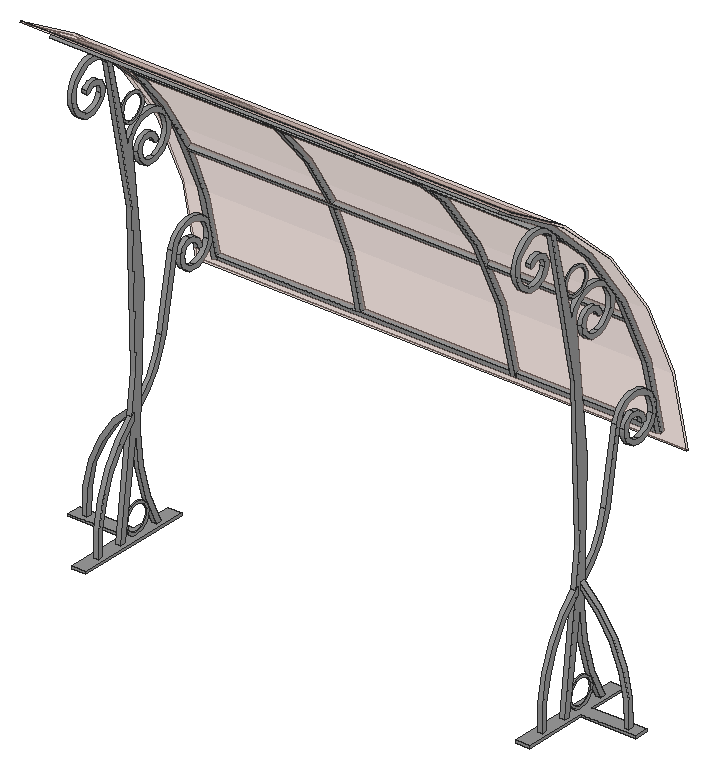
Revit family "Навес для скамейки «Бульвар» Арт 10653", category Антураж, Revit 2018
Family settings
  На основе рабочей плоскости = Нет
  Всегда вертикально = Да
  При загрузке вырезать с полостями = Нет
  Источник визуального образа = Геометрия семейства
  Общий = Нет
  Точка расчета площади = Нет
Parameters (values of type "Навес для скамейки «Бульвар»")
  Ширина = 950 mm  # constant formula
  Цвет крыши = Поликарбонат
  Цвет каркаса = Сталь
  Описание = "Навес для скамейки «Бульвар»"  # constant formula
  Материал изделия = "Сталь, поликарбонат"  # constant formula
  Изображение типоразмера = Навес для скамейки «Бульвар» Арт 10653.jpeg
  Изготовитель = "ООО «Хоббика»"  # constant formula
  Длина = 2430 mm  # constant formula
  Группа модели = "Навесы и беседки"  # constant formula
  Высота = 2160 mm  # constant formula
  Артикул товара = "Арт. 10653"  # constant formula
  URL = "https://hobbyka.ru/product/naves_dlya_skameyki_bulvar/"
Reference planes
  plane 1 "По центру (Вперед/Назад)": y = 0
  plane 2: z = 0
  plane 3 "По центру (Влево/Вправо)": x = 0
  plane 4: x = 2430
  plane 5: y = 950
  plane 6: z = 2160
Forms (mm)
  Extrusion 1, solid, material "Поликарбонат" <- "Цвет крыши"
    sketch origin (0, 0, 0) x (0, 1, 0) y (0, 0, 1)
      loop
        arc (0, 2150.984) -> (639.91, 1612.572) -> (940.066, 832.009) r 1676.278
        line (940.066, 832.009) -> (950, 833.156)
        arc (950, 833.156) -> (648.054, 1618.376) -> (4.326, 2160) r 1686.278
        line (4.326, 2160) -> (0, 2150.984)
    from 165 to 2265
  Extrusion 2, solid, material "Сталь" <- "Цвет каркаса"
    sketch origin (0, 0, 0) x (0, 1, 0) y (0, 0, 1)
      loop
        line (57.009, 2122.283) -> (47.677, 2104.594)
        arc (47.677, 2104.594) -> (627.315, 1595.764) -> (913.667, 879.6) r 1656.278
        line (913.667, 879.6) -> (933.456, 882.497)
        arc (933.456, 882.497) -> (643.646, 1607.309) -> (57.009, 2122.283) r 1676.278
    from 255 to 275
  Extrusion 3, solid, material "Сталь" <- "Цвет каркаса"
    sketch origin (0, 0, 0) x (0, 1, 0) y (0, 0, 1)
      loop
        line (57.009, 2122.283) -> (47.677, 2104.594)
        arc (47.677, 2104.594) -> (627.315, 1595.764) -> (913.667, 879.6) r 1656.278
        line (913.667, 879.6) -> (933.456, 882.497)
        arc (933.456, 882.497) -> (643.646, 1607.309) -> (57.009, 2122.283) r 1676.278
    from 875 to 895
  Extrusion 4, solid, material "Сталь" <- "Цвет каркаса"
    sketch origin (0, 0, 0) x (0, 1, 0) y (0, 0, 1)
      loop
        line (57.009, 2122.283) -> (47.677, 2104.594)
        arc (47.677, 2104.594) -> (627.315, 1595.764) -> (913.667, 879.6) r 1656.278
        line (913.667, 879.6) -> (933.456, 882.497)
        arc (933.456, 882.497) -> (643.646, 1607.309) -> (57.009, 2122.283) r 1676.278
    from 2155 to 2175
  Extrusion 5, solid, material "Сталь" <- "Цвет каркаса"
    sketch origin (0, 0, 0) x (0, 1, 0) y (0, 0, 1)
      loop
        line (913.667, 879.6) -> (933.456, 882.497)
        arc (933.456, 882.497) -> (931.978, 892.387) -> (930.441, 902.269) r 1676.278
        line (930.441, 902.269) -> (910.688, 899.135)
        arc (910.688, 899.135) -> (912.206, 889.372) -> (913.667, 879.6) r 1656.278
      loop
        line (57.009, 2122.283) -> (47.677, 2104.594)
        arc (47.677, 2104.594) -> (56.402, 2099.957) -> (65.1, 2095.269) r 1656.278
        line (65.1, 2095.269) -> (74.642, 2112.846)
        arc (74.642, 2112.846) -> (65.84, 2117.591) -> (57.009, 2122.283) r 1676.278
      loop
        arc (454.618, 1802.176) -> (461.532, 1795.117) -> (468.404, 1788.018) r 1656.278
        line (468.404, 1788.018) -> (482.816, 1801.884)
        arc (482.816, 1801.884) -> (475.861, 1809.07) -> (468.864, 1816.214) r 1676.278
        line (468.864, 1816.214) -> (454.618, 1802.176)
      loop
        arc (755.554, 1381.827) -> (759.955, 1372.98) -> (764.303, 1364.108) r 1656.278
        line (764.303, 1364.108) -> (782.289, 1372.856)
        arc (782.289, 1372.856) -> (777.888, 1381.835) -> (773.434, 1390.789) r 1676.278
        line (773.434, 1390.789) -> (755.554, 1381.827)
    from 275 to 2155
  Extrusion 6, solid, material "Сталь" <- "Цвет каркаса"
    sketch origin (0, 0, 0) x (0, 1, 0) y (0, 0, 1)
      loop
        arc (349.236, 1900.212) -> (323.02, 1922.093) -> (296.359, 1943.429) r 1656.278
        arc (296.359, 1943.429) -> (151.078, 1886.338) -> (195.534, 1736.707) r 115.423
        arc (195.534, 1736.707) -> (268.649, 1732.294) -> (314.294, 1789.582) r 79.441
        arc (314.294, 1789.582) -> (284.077, 1849.007) -> (219.132, 1833.957) r 54.085
        arc (219.132, 1833.957) -> (220.633, 1819.895) -> (234.695, 1821.396) r 10
        arc (234.695, 1821.396) -> (275.625, 1830.88) -> (294.668, 1793.43) r 34.085
        arc (294.668, 1793.43) -> (260.515, 1750.565) -> (205.806, 1753.867) r 59.441
        arc (205.806, 1753.867) -> (183.35, 1898.967) -> (330.105, 1894.371) r 95.423
        arc (330.105, 1894.371) -> (481.901, 951.455) -> (399.05, 0) r 3884.689
        line (399.05, 0) -> (419.497, 0)
        arc (419.497, 0) -> (501.805, 954.448) -> (349.236, 1900.212) r 3904.689
    from 255 to 275
  Extrusion 7, solid, material "Сталь" <- "Цвет каркаса"
    sketch origin (0, 0, 0) x (0, 1, 0) y (0, 0, 1)
      loop
        arc (483.439, 405.442) -> (515.754, 195.319) -> (599.698, 0) r 841.474
        line (599.698, 0) -> (623.012, 0)
        arc (623.012, 0) -> (536.813, 194.529) -> (503.467, 404.671) r 821.474
        arc (503.467, 404.671) -> (521.36, 966.394) -> (458.839, 1524.913) r 3924.689
        arc (458.839, 1524.913) -> (528.152, 1593.829) -> (622.496, 1568.28) r 97.759
        arc (622.496, 1568.28) -> (644.847, 1484.432) -> (583.567, 1422.994) r 86.969
        arc (583.567, 1422.994) -> (535.348, 1432.74) -> (514.227, 1477.168) r 54.983
        arc (514.227, 1477.168) -> (543.692, 1509.24) -> (579.18, 1483.995) r 32.911
        arc (579.18, 1483.995) -> (591.193, 1476.531) -> (598.656, 1488.544) r 10
        arc (598.656, 1488.544) -> (541.601, 1529.13) -> (494.231, 1477.568) r 52.911
        arc (494.231, 1477.568) -> (523.035, 1416.979) -> (588.793, 1403.689) r 74.983
        arc (588.793, 1403.689) -> (664.165, 1479.256) -> (636.674, 1582.385) r 106.969
        arc (636.674, 1582.385) -> (520.733, 1612.529) -> (438.383, 1525.526) r 117.759
        arc (438.383, 1525.526) -> (501.316, 967.11) -> (483.439, 405.442) r 3904.689
    from 255 to 275
  Extrusion 8, solid, material "Сталь" <- "Цвет каркаса"
    sketch origin (0, 0, 0) x (0, 1, 0) y (0, 0, 1)
      loop
        circle (472.708, 1657.624) r 60
      loop
        circle (472.708, 1657.624) r 50
      loop
        circle (496.458, 72) r 62
      loop
        circle (496.458, 72) r 52
    from 262.5 to 267.5
  Extrusion 9, solid, material "Сталь" <- "Цвет каркаса"
    sketch origin (0, 0, 0) x (0, 1, 0) y (0, 0, 1)
      loop
        line (699.652, 0) -> (699.652, 10) -> (189.652, 10) -> (189.652, 0) -> (699.652, 0)
    from 235 to 295
  Extrusion 10, solid, material "Сталь" <- "Цвет каркаса"
    sketch origin (1800, 0, 0) x (0, 1, 0) y (0, 0, -1)
      loop
        arc (349.236, -1900.212) -> (501.805, -954.448) -> (419.497, 0) r 3904.689
        line (419.497, 0) -> (399.05, 0)
        arc (399.05, 0) -> (481.901, -951.455) -> (330.105, -1894.371) r 3884.689
        arc (330.105, -1894.371) -> (183.35, -1898.967) -> (205.806, -1753.867) r 95.423
        arc (205.806, -1753.867) -> (260.515, -1750.565) -> (294.668, -1793.43) r 59.441
        arc (294.668, -1793.43) -> (275.625, -1830.88) -> (234.695, -1821.396) r 34.085
        arc (234.695, -1821.396) -> (220.633, -1819.895) -> (219.132, -1833.957) r 10
        arc (219.132, -1833.957) -> (284.077, -1849.007) -> (314.294, -1789.582) r 54.085
        arc (314.294, -1789.582) -> (268.649, -1732.294) -> (195.534, -1736.707) r 79.441
        arc (195.534, -1736.707) -> (151.078, -1886.338) -> (296.359, -1943.429) r 115.423
        arc (296.359, -1943.429) -> (323.02, -1922.093) -> (349.236, -1900.212) r 1656.278
    from -375 to -355
  Extrusion 11, solid, material "Сталь" <- "Цвет каркаса"
    sketch origin (1800, 0, 0) x (0, 1, 0) y (0, 0, -1)
      loop
        arc (483.439, -405.442) -> (501.316, -967.11) -> (438.383, -1525.526) r 3904.689
        arc (438.383, -1525.526) -> (520.733, -1612.529) -> (636.674, -1582.385) r 117.759
        arc (636.674, -1582.385) -> (664.165, -1479.256) -> (588.793, -1403.689) r 106.969
        arc (588.793, -1403.689) -> (523.035, -1416.979) -> (494.231, -1477.568) r 74.983
        arc (494.231, -1477.568) -> (541.601, -1529.13) -> (598.656, -1488.544) r 52.911
        arc (598.656, -1488.544) -> (591.193, -1476.531) -> (579.18, -1483.995) r 10
        arc (579.18, -1483.995) -> (543.692, -1509.24) -> (514.227, -1477.168) r 32.911
        arc (514.227, -1477.168) -> (535.348, -1432.74) -> (583.567, -1422.994) r 54.983
        arc (583.567, -1422.994) -> (644.847, -1484.432) -> (622.496, -1568.28) r 86.969
        arc (622.496, -1568.28) -> (528.152, -1593.829) -> (458.839, -1524.913) r 97.759
        arc (458.839, -1524.913) -> (521.36, -966.394) -> (503.467, -404.671) r 3924.689
        arc (503.467, -404.671) -> (536.813, -194.529) -> (623.012, 0) r 821.474
        line (623.012, 0) -> (599.698, 0)
        arc (599.698, 0) -> (515.754, -195.319) -> (483.439, -405.442) r 841.474
    from -375 to -355
  Extrusion 12, solid, material "Сталь" <- "Цвет каркаса"
    sketch origin (1800, 0, 0) x (0, 1, 0) y (0, 0, -1)
      loop
        circle (472.708, -1657.624) r 60
      loop
        circle (472.708, -1657.624) r 50
      loop
        circle (496.458, -72) r 62
      loop
        circle (496.458, -72) r 52
    from -367.5 to -362.5
  Extrusion 13, solid, material "Сталь" <- "Цвет каркаса"
    sketch origin (1800, 0, 0) x (0, 1, 0) y (0, 0, -1)
      loop
        line (699.652, 0) -> (189.652, 0) -> (189.652, -10) -> (699.652, -10) -> (699.652, 0)
    from -395 to -335
  Extrusion 14, solid, material "Сталь" <- "Цвет каркаса"
    sketch origin (0, 0, 0) x (0, 1, 0) y (0, 0, 1)
      loop
        line (678.699, 1020.58) -> (620.503, 721.184)
        arc (620.503, 721.184) -> (582.506, 616.054) -> (514.279, 527.504) r 362.436
        arc (514.279, 527.504) -> (513.211, 513.088) -> (512.09, 498.676) r 3924.689
        arc (512.09, 498.676) -> (594.754, 597.108) -> (640.135, 717.368) r 382.436
        line (640.135, 717.368) -> (698.221, 1016.191)
        arc (698.221, 1016.191) -> (800.071, 1080.211) -> (869.935, 982.278) r 87.666
        arc (869.935, 982.278) -> (845.216, 935.611) -> (796.221, 915.905) r 76.872
        arc (796.221, 915.905) -> (753.611, 934.511) -> (741.116, 979.295) r 54.177
        arc (741.116, 979.295) -> (753.067, 999.525) -> (775.423, 1006.757) r 33.158
        arc (775.423, 1006.757) -> (804.03, 995.149) -> (815.914, 966.655) r 40.104
        line (815.914, 966.655) -> (835.914, 966.655)
        arc (835.914, 966.655) -> (818.309, 1009.155) -> (775.809, 1026.759) r 60.104
        arc (775.809, 1026.759) -> (740.335, 1014.951) -> (721.409, 982.707) r 53.158
        arc (721.409, 982.707) -> (738.517, 921.39) -> (796.856, 895.915) r 74.177
        arc (796.856, 895.915) -> (858.598, 920.748) -> (889.749, 979.556) r 96.872
        arc (889.749, 979.556) -> (803.628, 1099.895) -> (678.699, 1020.58) r 107.666
      loop
        arc (471.284, 490.348) -> (319.446, 272.645) -> (281.139, 10) r 576.968
        line (281.139, 10) -> (301.218, 10)
        arc (301.218, 10) -> (333.838, 254.329) -> (468.716, 460.652) r 556.968
        arc (468.716, 460.652) -> (470.028, 475.497) -> (471.284, 490.348) r 3884.689
    from 255 to 275
  Extrusion 15, solid, material "Сталь" <- "Цвет каркаса"
    sketch origin (0, 0, 0) x (0, 1, 0) y (0, 0, 1)
      loop
        line (678.699, 1020.58) -> (620.503, 721.184)
        arc (620.503, 721.184) -> (582.506, 616.054) -> (514.279, 527.504) r 362.436
        arc (514.279, 527.504) -> (513.211, 513.088) -> (512.09, 498.676) r 3924.689
        arc (512.09, 498.676) -> (594.754, 597.108) -> (640.135, 717.368) r 382.436
        line (640.135, 717.368) -> (698.221, 1016.191)
        arc (698.221, 1016.191) -> (800.071, 1080.211) -> (869.935, 982.278) r 87.666
        arc (869.935, 982.278) -> (845.216, 935.611) -> (796.221, 915.905) r 76.872
        arc (796.221, 915.905) -> (753.611, 934.511) -> (741.116, 979.295) r 54.177
        arc (741.116, 979.295) -> (753.067, 999.525) -> (775.423, 1006.757) r 33.158
        arc (775.423, 1006.757) -> (804.03, 995.149) -> (815.914, 966.655) r 40.104
        line (815.914, 966.655) -> (835.914, 966.655)
        arc (835.914, 966.655) -> (818.309, 1009.155) -> (775.809, 1026.759) r 60.104
        arc (775.809, 1026.759) -> (740.335, 1014.951) -> (721.409, 982.707) r 53.158
        arc (721.409, 982.707) -> (738.517, 921.39) -> (796.856, 895.915) r 74.177
        arc (796.856, 895.915) -> (858.598, 920.748) -> (889.749, 979.556) r 96.872
        arc (889.749, 979.556) -> (803.628, 1099.895) -> (678.699, 1020.58) r 107.666
      loop
        arc (471.284, 490.348) -> (319.446, 272.645) -> (281.139, 10) r 576.968
        line (281.139, 10) -> (301.218, 10)
        arc (301.218, 10) -> (333.838, 254.329) -> (468.716, 460.652) r 556.968
        arc (468.716, 460.652) -> (470.028, 475.497) -> (471.284, 490.348) r 3884.689
    from 2155 to 2175
  Extrusion 16, solid, material "Сталь" <- "Цвет каркаса"
    sketch origin (0, 0, 0) x (0, 1, 0) y (0, 0, 1)
      loop
        line (57.009, 2122.283) -> (47.677, 2104.594)
        arc (47.677, 2104.594) -> (627.315, 1595.764) -> (913.667, 879.6) r 1656.278
        line (913.667, 879.6) -> (933.456, 882.497)
        arc (933.456, 882.497) -> (643.646, 1607.309) -> (57.009, 2122.283) r 1676.278
    from 1535 to 1555
  Extrusion 17, solid, material "Сталь" <- "Цвет каркаса"
    sketch origin (0, 0, 0) x (1, 0, 0) y (0, 0, 1)
      loop
        arc (65.046, 10) -> (105.873, 266.08) -> (255, 478.224) r 575.36
        line (255, 478.224) -> (255, 504.729)
        arc (255, 504.729) -> (90.998, 282.41) -> (45, 10) r 595.36
        line (45, 10) -> (65.046, 10)
      loop
        line (2364.954, 10) -> (2385, 10)
        arc (2385, 10) -> (2339.002, 282.41) -> (2175, 504.729) r 595.36
        line (2175, 504.729) -> (2175, 478.224)
        arc (2175, 478.224) -> (2324.127, 266.08) -> (2364.954, 10) r 575.36
    from -502.506 to -482.506
  Extrusion 18, solid, material "Сталь" <- "Цвет каркаса"
    sketch origin (0, 0, 0) x (0, 1, 0) y (0, 0, 1)
      loop
        line (522.506, 10) -> (462.506, 10) -> (462.506, 0) -> (522.506, 0) -> (522.506, 10)
    from 0 to 235
  Extrusion 19, solid, material "Сталь" <- "Цвет каркаса"
    sketch origin (0, 0, 0) x (0, 1, 0) y (0, 0, 1)
      loop
        line (522.506, 10) -> (462.506, 10) -> (462.506, 0) -> (522.506, 0) -> (522.506, 10)
    from 2195 to 2430
Cuts and joins
  joined: Extrusion 2, Extrusion 3, Extrusion 4, Extrusion 5
  joined: Extrusion 6, Extrusion 7, Extrusion 9, Extrusion 18
  joined: Extrusion 10, Extrusion 11, Extrusion 13, Extrusion 19
Lines and regions (mm)
  symbolic lines
    curve 1: arc (0, 503.467, 404.671) -> (0, 521.36, 966.394) -> (0, 458.839, 1524.913) r 3924.689
Dimensions and locks
  "Длина": plane 3 "По центру (Влево/Вправо)" to plane 4
  "Ширина": plane 5 to plane 1 "По центру (Вперед/Назад)"
  "Высота": plane 6 to plane 2
  aligned and locked: level to plane 2
Automatic sketch dimensions
  level to curve 1 = 810.168 mm
  plane 1 "По центру (Вперед/Назад)" to curve 1 = 3400.218 mm
  curve 1 to plane 1 "По центру (Вперед/Назад)" = 458.839 mm
  level to curve 1 = 404.671 mm
  curve 1 to plane 1 "По центру (Вперед/Назад)" = 503.467 mm
  Extrusion 1 sketch curve to Extrusion 1 sketch curve = 0 mm  (x2)
  Extrusion 1 sketch curve to plane 1 "По центру (Вперед/Назад)" = 0 mm
  Extrusion 1 sketch curve to plane 6 = 0 mm
  Extrusion 1 sketch curve to plane 5 = 0 mm
  level to Extrusion 1 sketch curve = 639.667 mm
  plane 1 "По центру (Вперед/Назад)" to Extrusion 1 sketch curve = 725.141 mm
  Extrusion 1 sketch curve to plane 1 "По центру (Вперед/Назад)" = 4.326 mm
  Extrusion 1 sketch curve to plane 5 = 9.934 mm
  Extrusion 1 sketch curve to Extrusion 1 sketch curve = 1.147 mm
  Extrusion 2 sketch curve to Extrusion 2 sketch curve = 0 mm  (x2)
  plane 1 "По центру (Вперед/Назад)" to Extrusion 2 sketch curve = 725.141 mm
  Extrusion 2 sketch curve to plane 1 "По центру (Вперед/Назад)" = 47.677 mm
  Extrusion 2 sketch curve to plane 6 = 37.717 mm
  Extrusion 2 sketch curve to Extrusion 2 sketch curve = 9.332 mm
  Extrusion 2 sketch curve to plane 5 = 36.333 mm
  Extrusion 2 sketch curve to plane 5 = 16.544 mm
  Extrusion 2 sketch curve to Extrusion 2 sketch curve = 17.689 mm
  level to Extrusion 2 sketch curve = 882.497 mm
  Extrusion 3 sketch curve to Extrusion 3 sketch curve = 0 mm  (x2)
  plane 1 "По центру (Вперед/Назад)" to Extrusion 3 sketch curve = 725.141 mm
  Extrusion 3 sketch curve to plane 1 "По центру (Вперед/Назад)" = 47.677 mm
  Extrusion 3 sketch curve to plane 6 = 37.717 mm
  Extrusion 3 sketch curve to Extrusion 3 sketch curve = 9.332 mm
  Extrusion 3 sketch curve to plane 5 = 36.333 mm
  Extrusion 3 sketch curve to plane 5 = 16.544 mm
  Extrusion 3 sketch curve to Extrusion 3 sketch curve = 17.689 mm
  level to Extrusion 3 sketch curve = 882.497 mm
  Extrusion 4 sketch curve to Extrusion 4 sketch curve = 0 mm  (x2)
  plane 1 "По центру (Вперед/Назад)" to Extrusion 4 sketch curve = 725.141 mm
  Extrusion 4 sketch curve to plane 1 "По центру (Вперед/Назад)" = 47.677 mm
  Extrusion 4 sketch curve to plane 6 = 37.717 mm
  Extrusion 4 sketch curve to Extrusion 4 sketch curve = 9.332 mm
  Extrusion 4 sketch curve to plane 5 = 36.333 mm
  Extrusion 4 sketch curve to plane 5 = 16.544 mm
  Extrusion 4 sketch curve to Extrusion 4 sketch curve = 17.689 mm
  level to Extrusion 4 sketch curve = 882.497 mm
  Extrusion 5 sketch curve to Extrusion 5 sketch curve = 0 mm  (x56)
  plane 1 "По центру (Вперед/Назад)" to Extrusion 5 sketch curve = 725.141 mm
  Extrusion 5 sketch curve to plane 1 "По центру (Вперед/Назад)" = 47.677 mm
  Extrusion 5 sketch curve to plane 6 = 37.717 mm
  Extrusion 5 sketch curve to Extrusion 5 sketch curve = 9.332 mm
  Extrusion 5 sketch curve to Extrusion 5 sketch curve = 17.423 mm
  Extrusion 5 sketch curve to plane 6 = 47.154 mm
  Extrusion 5 sketch curve to Extrusion 5 sketch curve = 17.633 mm
  Extrusion 5 sketch curve to plane 1 "По центру (Вперед/Назад)" = 454.618 mm
  Extrusion 5 sketch curve to Extrusion 5 sketch curve = 13.786 mm
  Extrusion 5 sketch curve to Extrusion 5 sketch curve = 14.246 mm
  Extrusion 5 sketch curve to Extrusion 5 sketch curve = 13.952 mm
  Extrusion 5 sketch curve to plane 5 = 194.446 mm
  Extrusion 5 sketch curve to Extrusion 5 sketch curve = 8.749 mm
  Extrusion 5 sketch curve to Extrusion 5 sketch curve = 17.88 mm
  Extrusion 5 sketch curve to Extrusion 5 sketch curve = 8.855 mm
  Extrusion 5 sketch curve to plane 5 = 39.312 mm
  Extrusion 5 sketch curve to Extrusion 5 sketch curve = 2.979 mm
  Extrusion 5 sketch curve to plane 5 = 19.559 mm
  Extrusion 5 sketch curve to plane 5 = 16.544 mm
  level to Extrusion 5 sketch curve = 879.6 mm
  Extrusion 5 sketch curve to Extrusion 5 sketch curve = 2.897 mm
  Extrusion 5 sketch curve to Extrusion 5 sketch curve = 464.973 mm
  Extrusion 5 sketch curve to Extrusion 5 sketch curve = 8.748 mm
  Extrusion 5 sketch curve to plane 6 = 371.982 mm
  Extrusion 5 sketch curve to Extrusion 5 sketch curve = 13.867 mm
  Extrusion 5 sketch curve to Extrusion 5 sketch curve = 17.577 mm
  Extrusion 6 sketch curve to Extrusion 6 sketch curve = 0 mm  (x12)
  Extrusion 6 sketch curve to level = 0 mm
  level to Extrusion 6 sketch curve = 810.168 mm
  plane 1 "По центру (Вперед/Назад)" to Extrusion 6 sketch curve = 3400.218 mm
  plane 1 "По центру (Вперед/Назад)" to Extrusion 6 sketch curve = 725.141 mm
  Extrusion 6 sketch curve to plane 1 "По центру (Вперед/Назад)" = 226.914 mm
  Extrusion 6 sketch curve to Extrusion 6 sketch curve = 9.424 mm
  Extrusion 6 sketch curve to Extrusion 6 sketch curve = 27.906 mm
  Extrusion 6 sketch curve to Extrusion 6 sketch curve = 24.882 mm
  Extrusion 6 sketch curve to plane 1 "По центру (Вперед/Назад)" = 399.05 mm
  Extrusion 6 sketch curve to Extrusion 6 sketch curve = 20.447 mm
  level to Extrusion 6 sketch curve = 639.667 mm
  Extrusion 6 sketch curve to plane 6 = 360.011 mm
  Extrusion 6 sketch curve to Extrusion 6 sketch curve = 4.879 mm
  Extrusion 6 sketch curve to Extrusion 6 sketch curve = 22.81 mm
  Extrusion 6 sketch curve to Extrusion 6 sketch curve = 8.063 mm
  Extrusion 6 sketch curve to Extrusion 6 sketch curve = 40.804 mm
  Extrusion 6 sketch curve to Extrusion 6 sketch curve = 10.273 mm
  Extrusion 6 sketch curve to Extrusion 6 sketch curve = 7.782 mm
  Extrusion 6 sketch curve to Extrusion 6 sketch curve = 33.747 mm
  Extrusion 7 sketch curve to Extrusion 7 sketch curve = 0 mm  (x17)
  Extrusion 7 sketch curve to level = 0 mm
  level to Extrusion 7 sketch curve = 810.168 mm
  plane 1 "По центру (Вперед/Назад)" to Extrusion 7 sketch curve = 3400.218 mm
  Extrusion 7 sketch curve to plane 5 = 402.868 mm
  Extrusion 7 sketch curve to Extrusion 7 sketch curve = 6.06 mm
  Extrusion 7 sketch curve to Extrusion 7 sketch curve = 7.649 mm
  Extrusion 7 sketch curve to Extrusion 7 sketch curve = 22.067 mm
  Extrusion 7 sketch curve to Extrusion 7 sketch curve = 19.719 mm
  Extrusion 7 sketch curve to plane 5 = 350.302 mm
  Extrusion 7 sketch curve to Extrusion 7 sketch curve = 23.314 mm
  plane 5 to Extrusion 7 sketch curve = 374.63 mm
  level to Extrusion 7 sketch curve = 427.26 mm
  Extrusion 7 sketch curve to plane 6 = 683.933 mm
  Extrusion 7 sketch curve to Extrusion 7 sketch curve = 0.442 mm
  Extrusion 7 sketch curve to Extrusion 7 sketch curve = 10.203 mm
  Extrusion 7 sketch curve to Extrusion 7 sketch curve = 22.823 mm
  Extrusion 7 sketch curve to Extrusion 7 sketch curve = 7.61 mm
  Extrusion 7 sketch curve to Extrusion 7 sketch curve = 114.809 mm
  Extrusion 7 sketch curve to Extrusion 7 sketch curve = 20.456 mm
  level to Extrusion 7 sketch curve = 405.442 mm
  Extrusion 7 sketch curve to Extrusion 7 sketch curve = 52.901 mm
  Extrusion 7 sketch curve to Extrusion 7 sketch curve = 20.028 mm
  Extrusion 7 sketch curve to Extrusion 7 sketch curve = 19.996 mm
  Extrusion 8 sketch curve to Extrusion 8 sketch curve = 0 mm  (x4)
  Extrusion 8 sketch curve to plane 1 "По центру (Вперед/Назад)" = 472.708 mm
  level to Extrusion 8 sketch curve = 72 mm
  Extrusion 8 sketch curve to plane 5 = 453.542 mm
  Extrusion 8 sketch curve to plane 6 = 502.376 mm
  Extrusion 9 sketch curve to level = 0 mm
  Extrusion 9 sketch curve to plane 1 "По центру (Вперед/Назад)" = 189.652 mm
  level to Extrusion 9 sketch curve = 10 mm
  Extrusion 9 sketch curve to plane 5 = 250.348 mm
  Extrusion 10 sketch curve to Extrusion 10 sketch curve = 0 mm  (x12)
  Extrusion 10 sketch curve to level = 0 mm
  level to Extrusion 10 sketch curve = 810.168 mm
  plane 1 "По центру (Вперед/Назад)" to Extrusion 10 sketch curve = 3400.218 mm
  plane 1 "По центру (Вперед/Назад)" to Extrusion 10 sketch curve = 725.141 mm
  Extrusion 10 sketch curve to plane 1 "По центру (Вперед/Назад)" = 226.914 mm
  Extrusion 10 sketch curve to Extrusion 10 sketch curve = 9.424 mm
  Extrusion 10 sketch curve to Extrusion 10 sketch curve = 27.906 mm
  Extrusion 10 sketch curve to Extrusion 10 sketch curve = 24.882 mm
  Extrusion 10 sketch curve to plane 1 "По центру (Вперед/Назад)" = 399.05 mm
  Extrusion 10 sketch curve to Extrusion 10 sketch curve = 20.447 mm
  Extrusion 10 sketch curve to plane 6 = 360.011 mm
  Extrusion 10 sketch curve to Extrusion 10 sketch curve = 4.879 mm
  Extrusion 10 sketch curve to Extrusion 10 sketch curve = 22.81 mm
  Extrusion 10 sketch curve to Extrusion 10 sketch curve = 8.063 mm
  level to Extrusion 10 sketch curve = 639.667 mm
  Extrusion 10 sketch curve to Extrusion 10 sketch curve = 40.804 mm
  Extrusion 10 sketch curve to Extrusion 10 sketch curve = 10.273 mm
  Extrusion 10 sketch curve to Extrusion 10 sketch curve = 7.782 mm
  Extrusion 10 sketch curve to Extrusion 10 sketch curve = 33.747 mm
  Extrusion 11 sketch curve to Extrusion 11 sketch curve = 0 mm  (x17)
  Extrusion 11 sketch curve to level = 0 mm
  level to Extrusion 11 sketch curve = 810.168 mm
  plane 1 "По центру (Вперед/Назад)" to Extrusion 11 sketch curve = 3400.218 mm
  Extrusion 11 sketch curve to plane 5 = 402.868 mm
  Extrusion 11 sketch curve to Extrusion 11 sketch curve = 6.06 mm
  Extrusion 11 sketch curve to Extrusion 11 sketch curve = 7.649 mm
  Extrusion 11 sketch curve to Extrusion 11 sketch curve = 22.067 mm
  Extrusion 11 sketch curve to Extrusion 11 sketch curve = 19.719 mm
  Extrusion 11 sketch curve to plane 5 = 350.302 mm
  Extrusion 11 sketch curve to Extrusion 11 sketch curve = 23.314 mm
  plane 5 to Extrusion 11 sketch curve = 374.63 mm
  Extrusion 11 sketch curve to plane 6 = 683.933 mm
  Extrusion 11 sketch curve to Extrusion 11 sketch curve = 0.442 mm
  Extrusion 11 sketch curve to Extrusion 11 sketch curve = 10.203 mm
  Extrusion 11 sketch curve to Extrusion 11 sketch curve = 22.823 mm
  Extrusion 11 sketch curve to Extrusion 11 sketch curve = 7.61 mm
  level to Extrusion 11 sketch curve = 427.26 mm
  Extrusion 11 sketch curve to Extrusion 11 sketch curve = 114.809 mm
  Extrusion 11 sketch curve to Extrusion 11 sketch curve = 20.456 mm
  level to Extrusion 11 sketch curve = 405.442 mm
  Extrusion 11 sketch curve to Extrusion 11 sketch curve = 52.901 mm
  Extrusion 11 sketch curve to Extrusion 11 sketch curve = 20.028 mm
  Extrusion 11 sketch curve to Extrusion 11 sketch curve = 19.996 mm
  Extrusion 12 sketch curve to Extrusion 12 sketch curve = 0 mm  (x4)
  Extrusion 12 sketch curve to plane 1 "По центру (Вперед/Назад)" = 472.708 mm
  level to Extrusion 12 sketch curve = 72 mm
  Extrusion 12 sketch curve to plane 5 = 453.542 mm
  Extrusion 12 sketch curve to plane 6 = 502.376 mm
  Extrusion 13 sketch curve to level = 0 mm
  Extrusion 13 sketch curve to plane 1 "По центру (Вперед/Назад)" = 189.652 mm
  level to Extrusion 13 sketch curve = 10 mm
  Extrusion 13 sketch curve to plane 5 = 250.348 mm
  Extrusion 14 sketch curve to Extrusion 14 sketch curve = 0 mm  (x20)
  level to Extrusion 14 sketch curve = 810.168 mm
  plane 1 "По центру (Вперед/Назад)" to Extrusion 14 sketch curve = 3400.218 mm
  Extrusion 14 sketch curve to plane 1 "По центру (Вперед/Назад)" = 264.726 mm
  level to Extrusion 14 sketch curve = 10 mm
  Extrusion 14 sketch curve to plane 1 "По центру (Вперед/Назад)" = 281.139 mm
  Extrusion 14 sketch curve to Extrusion 14 sketch curve = 20.079 mm
  Extrusion 14 sketch curve to plane 5 = 329.497 mm
  Extrusion 14 sketch curve to Extrusion 14 sketch curve = 19.633 mm
  Extrusion 14 sketch curve to plane 5 = 271.301 mm
  Extrusion 14 sketch curve to Extrusion 14 sketch curve = 19.521 mm
  Extrusion 14 sketch curve to Extrusion 14 sketch curve = 75.568 mm
  Extrusion 14 sketch curve to Extrusion 14 sketch curve = 2.021 mm
  Extrusion 14 sketch curve to Extrusion 14 sketch curve = 9.297 mm
  Extrusion 14 sketch curve to Extrusion 14 sketch curve = 10.693 mm
  Extrusion 14 sketch curve to Extrusion 14 sketch curve = 18.69 mm
  Extrusion 14 sketch curve to Extrusion 14 sketch curve = 21.414 mm
  Extrusion 14 sketch curve to Extrusion 14 sketch curve = 20 mm
  Extrusion 14 sketch curve to plane 5 = 94.088 mm
  level to Extrusion 14 sketch curve = 60.286 mm
  Extrusion 14 sketch curve to Extrusion 14 sketch curve = 657.082 mm
  Extrusion 14 sketch curve to Extrusion 14 sketch curve = 3.816 mm
  Extrusion 14 sketch curve to Extrusion 14 sketch curve = 69.156 mm
  Extrusion 14 sketch curve to Extrusion 14 sketch curve = 249.287 mm
  Extrusion 14 sketch curve to Extrusion 14 sketch curve = 3.4 mm
  Extrusion 14 sketch curve to Extrusion 14 sketch curve = 6.985 mm
  Extrusion 14 sketch curve to Extrusion 14 sketch curve = 22.684 mm
  Extrusion 14 sketch curve to Extrusion 14 sketch curve = 1.469 mm
  Extrusion 14 sketch curve to Extrusion 14 sketch curve = 33.485 mm
  Extrusion 14 sketch curve to Extrusion 14 sketch curve = 4.389 mm
  Extrusion 14 sketch curve to Extrusion 14 sketch curve = 151.787 mm
  Extrusion 14 sketch curve to Extrusion 14 sketch curve = 40.807 mm
  Extrusion 14 sketch curve to Extrusion 14 sketch curve = 19.707 mm
  Extrusion 15 sketch curve to Extrusion 15 sketch curve = 0 mm  (x20)
  level to Extrusion 15 sketch curve = 810.168 mm
  plane 1 "По центру (Вперед/Назад)" to Extrusion 15 sketch curve = 3400.218 mm
  Extrusion 15 sketch curve to plane 1 "По центру (Вперед/Назад)" = 264.726 mm
  level to Extrusion 15 sketch curve = 10 mm
  Extrusion 15 sketch curve to plane 1 "По центру (Вперед/Назад)" = 281.139 mm
  Extrusion 15 sketch curve to Extrusion 15 sketch curve = 20.079 mm
  Extrusion 15 sketch curve to plane 5 = 329.497 mm
  Extrusion 15 sketch curve to Extrusion 15 sketch curve = 19.633 mm
  Extrusion 15 sketch curve to plane 5 = 271.301 mm
  Extrusion 15 sketch curve to Extrusion 15 sketch curve = 19.521 mm
  Extrusion 15 sketch curve to Extrusion 15 sketch curve = 75.568 mm
  Extrusion 15 sketch curve to Extrusion 15 sketch curve = 2.021 mm
  Extrusion 15 sketch curve to Extrusion 15 sketch curve = 9.297 mm
  Extrusion 15 sketch curve to Extrusion 15 sketch curve = 10.693 mm
  Extrusion 15 sketch curve to Extrusion 15 sketch curve = 18.69 mm
  Extrusion 15 sketch curve to Extrusion 15 sketch curve = 21.414 mm
  Extrusion 15 sketch curve to Extrusion 15 sketch curve = 20 mm
  Extrusion 15 sketch curve to plane 5 = 94.088 mm
  level to Extrusion 15 sketch curve = 60.286 mm
  Extrusion 15 sketch curve to Extrusion 15 sketch curve = 657.082 mm
  Extrusion 15 sketch curve to Extrusion 15 sketch curve = 3.816 mm
  Extrusion 15 sketch curve to Extrusion 15 sketch curve = 69.156 mm
  Extrusion 15 sketch curve to Extrusion 15 sketch curve = 249.287 mm
  Extrusion 15 sketch curve to Extrusion 15 sketch curve = 3.4 mm
  Extrusion 15 sketch curve to Extrusion 15 sketch curve = 6.985 mm
  Extrusion 15 sketch curve to Extrusion 15 sketch curve = 22.684 mm
  Extrusion 15 sketch curve to Extrusion 15 sketch curve = 1.469 mm
  Extrusion 15 sketch curve to Extrusion 15 sketch curve = 33.485 mm
  Extrusion 15 sketch curve to Extrusion 15 sketch curve = 4.389 mm
  Extrusion 15 sketch curve to Extrusion 15 sketch curve = 151.787 mm
  Extrusion 15 sketch curve to Extrusion 15 sketch curve = 40.807 mm
  Extrusion 15 sketch curve to Extrusion 15 sketch curve = 19.707 mm
  Extrusion 16 sketch curve to Extrusion 16 sketch curve = 0 mm  (x2)
  plane 1 "По центру (Вперед/Назад)" to Extrusion 16 sketch curve = 725.141 mm
  Extrusion 16 sketch curve to plane 1 "По центру (Вперед/Назад)" = 47.677 mm
  Extrusion 16 sketch curve to plane 6 = 37.717 mm
  Extrusion 16 sketch curve to Extrusion 16 sketch curve = 9.332 mm
  Extrusion 16 sketch curve to plane 5 = 36.333 mm
  Extrusion 16 sketch curve to plane 5 = 16.544 mm
  Extrusion 16 sketch curve to Extrusion 16 sketch curve = 17.689 mm
  level to Extrusion 16 sketch curve = 882.497 mm
  Extrusion 17 sketch curve to Extrusion 17 sketch curve = 0 mm  (x4)
  level to Extrusion 17 sketch curve = 10 mm  (x2)
  plane 3 "По центру (Влево/Вправо)" to Extrusion 17 sketch curve = 45 mm
  Extrusion 17 sketch curve to Extrusion 17 sketch curve = 20.046 mm  (x2)
  plane 3 "По центру (Влево/Вправо)" to Extrusion 17 sketch curve = 255 mm
  level to Extrusion 17 sketch curve = 49.784 mm  (x2)
  Extrusion 17 sketch curve to Extrusion 17 sketch curve = 573.983 mm
  Extrusion 17 sketch curve to plane 4 = 639.029 mm
  Extrusion 17 sketch curve to plane 4 = 255 mm
  Extrusion 17 sketch curve to plane 4 = 65.046 mm
  Extrusion 18 sketch curve to level = 0 mm
  level to Extrusion 18 sketch curve = 10 mm
  Extrusion 18 sketch curve to plane 1 "По центру (Вперед/Назад)" = 462.506 mm
  Extrusion 18 sketch curve to Extrusion 18 sketch curve = 60 mm
  Extrusion 19 sketch curve to level = 0 mm
  level to Extrusion 19 sketch curve = 10 mm
  Extrusion 19 sketch curve to plane 1 "По центру (Вперед/Назад)" = 462.506 mm
  Extrusion 19 sketch curve to Extrusion 19 sketch curve = 60 mm
  radius of Extrusion 8 sketch curve = 60 mm
  radius of Extrusion 8 sketch curve = 50 mm
  radius of Extrusion 8 sketch curve = 62 mm
  radius of Extrusion 8 sketch curve = 52 mm
  radius of Extrusion 12 sketch curve = 60 mm
  radius of Extrusion 12 sketch curve = 50 mm
  radius of Extrusion 12 sketch curve = 62 mm
  radius of Extrusion 12 sketch curve = 52 mm
